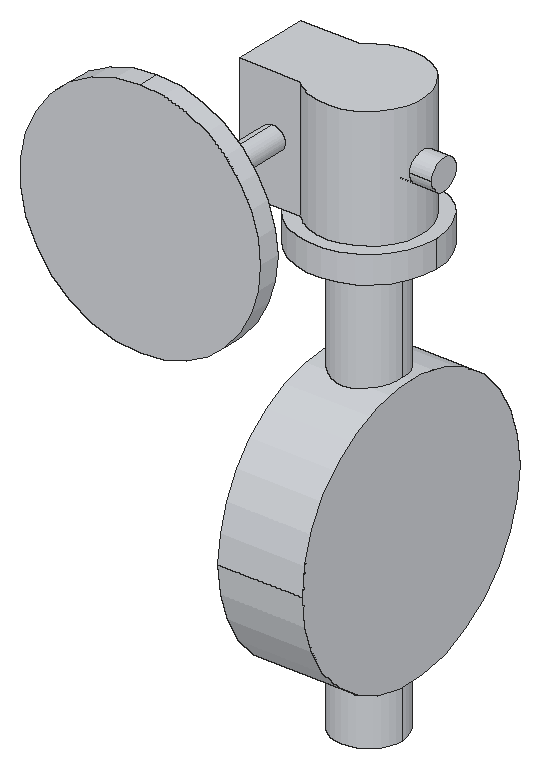
Revit family "HS497-68_disk-nerez_převodové kolo DN125-RFA_2019", category Pipe Accessories, Revit 2019
Family settings
  Round Connector Dimension = Use Diameter
  Part Type = Valve - Breaks Into
  Work Plane-Based = No
  Always vertical = Yes
  Cut with Voids When Loaded = No
  Shared = No
Parameters (values of type "HS 497-68_DN125_PN16_převodové kolo")
  magiProductId = "c56b7c13f372467684996fb1e0e229"
  magiProductFamilyId = "53cea81e6f374d17b8841d9c72ad77"
  magiPartTypeId = 305
  isMeasuringValve [instance] = no
  ang2D [instance] = 0.00°
  X11 = 61.456 mm
  X1 = 25.456 mm
  W2D = 1000 mm
  VersionID = "2.0/2017.9.26.1/ZETKAMA_497_001"
  Use Minimum Symbol Size [instance] = yes
  URL = "http://www.hydronic.cz"
  Type Comments = "mezipřírubová; nerezový disk; PN16; -10~+110°C (krátkodobě +120°C)"
  SW30 = yes
  SW3 = yes
  SW21 = no
  SW20 = no
  SW2 = no
  SW1 = no
  R = 62.5 mm
  QmdConnectorList = "301;D;302;D"
  Productdata [instance] = ""
  NC = 50 mm
  Manufacturer = "Hydronic Systems Prague s.r.o."
  MM20 = 25.456 mm
  MC Product Code = "126125 (nerezový disk, s převodovým kolem; DN125; PN16, kvs872)"
  M41 = 65.25 mm
  M4 = 43.5 mm
  LHL = 220 mm
  LHH3 = 2.45 mm
  LHH1 = 46.55 mm
  LH1 = 73.333 mm
  L4R__ve = -L4R  # -13.5 mm
  L4R = 13.5 mm
  L42__ve = -L42  # -101.25 mm
  L42 = 101.25 mm
  L41__ve = -L41  # -20.25 mm
  L41 = 20.25 mm
  L2D_Min = 3048 mm
  L2D = 216 mm
  L2 = 28 mm
  L1 = 44.8 mm
  L = 56 mm
  H = 33 mm
  G22 = 11.25 mm
  G2 = 22.5 mm
  G1 = 90 mm
  G = 90 mm
  F = 14 mm
  E44 = 40 mm
  E42 = 80 mm
  E4 = 160 mm
  E23 = 4.9 mm
  E22 = 19.6 mm
  E21 = 9.8 mm
  Description = "Mezipřírubová uzavírací klapka s převodovým kolem; nerezový disk, DN125; PN16; kvs872"
  DR2 = 62.5 mm
  DR = 180 mm
  DD1 = 20 mm
  DD = 16 mm
  D = 125 mm
  CAT0 = yes
  B2__ve = -B2  # -64 mm
  B2 = 64 mm
  A2 = 18 mm
  A1 = 99.5 mm
Types (43, lengths in mm): name | magiProductId | X11 | X1 | Type Comments | SW30 | SW3 | SW20 | SW2 | SW1 | R | NC | Manufacturer | MM20 | MC Product Code | M41 | M4 | LHL | LHH3 | LHH1 | LH1 | L4R__ve | L4R | L42__ve | L42 | L41__ve | L41 | L2 | L1 | L | H | G | F | E44 | E42 | E4 | E23 | E22 | E21 | Description | DR2 | DR | DD1 | DD | D | B2__ve | B2 | A2 | A1
  HS 497-68_DN100_PN16_volné vřeteno | "65d1b245f4f142c78569c0602d5754" | 61.456 | 25.456 | "mezipřírubová; nerezový disk; PN16; -10~+110°C (krátkodobě +120°C)" | no | no | no | no | yes | 50 | 50 | "Hydronic Systems Prague s.r.o." | 25.456 | "124 100 (nerezový disk, s volným vřetenem; DN100; PN16, kvs512)" | 66 | 44 | 220 | 2.45 | 46.55 | 73.333 | -12.8 | 12.8 | -96 | 96 | -19.2 | 19.2 | 26 | 41.6 | 52 | 30 | 90 | 11 | 31.25 | 62.5 | 125 | 4.9 | 19.6 | 9.8 | "Mezipřírubová uzavírací klapka s volným vřetenem; nerezový disk, DN100; PN16; kvs512" | 50 | 147 | 15.625 | 12.5 | 100 | -56 | 56 | 16.5 | 98.5
  HS 497-68_DN100_PN16_převodové kolo | "11e91b807e674d428c8e796fcdcfe2" | 61.456 | 25.456 | "mezipřírubová; nerezový disk; PN16; -10~+110°C (krátkodobě +120°C)" | yes | yes | no | no | no | 50 | 50 | "Hydronic Systems Prague s.r.o." | 25.456 | "126 100 (nerezový disk, s převodovým kolem; DN100; PN16, kvs512)" | 65.25 | 43.5 | 220 | 2.45 | 46.55 | 73.333 | -12.8 | 12.8 | -96 | 96 | -19.2 | 19.2 | 26 | 41.6 | 52 | 30 | 90 | 11 | 31.25 | 62.5 | 125 | 4.9 | 19.6 | 9.8 | "Mezipřírubová uzavírací klapka s převodovým kolem; nerezový disk, DN100; PN16; kvs512" | 50 | 147 | 15.625 | 12.5 | 100 | -56 | 56 | 16.5 | 98.5
  HS 497-68_DN100_PN16_s pákou | "28172f0b3f4b47b28323ac71cf8749" | 61.456 | 25.456 | "mezipřírubová; nerezový disk; PN16; -10~+110°C (krátkodobě +120°C)" | no | no | yes | yes | no | 50 | 50 | "Hydronic Systems Prague s.r.o." | 25.456 | "121 100 (nerezový disk, s pákou; DN100; PN16, kvs512)" | 66 | 44 | 260 | 3 | 57 | 86.667 | -12.8 | 12.8 | -96 | 96 | -19.2 | 19.2 | 26 | 41.6 | 52 | 30 | 90 | 11 | 31.25 | 62.5 | 125 | 6 | 24 | 12 | "Mezipřírubová uzavírací klapka s pákou; nerezový disk, DN100; PN16; kvs512" | 50 | 147 | 15.625 | 12.5 | 100 | -56 | 56 | 16.5 | 98.5
  HS 497-68_DN125_PN16_volné vřeteno | "0d813d910fc14f628bb3c2efbd185c" | 61.456 | 25.456 | "mezipřírubová; nerezový disk; PN16; -10~+110°C (krátkodobě +120°C)" | no | no | no | no | yes | 62.5 | 50 | "Hydronic Systems Prague s.r.o." | 25.456 | "124 125 (nerezový disk, s volným vřetenem; DN125; PN16, kvs872)" | 66 | 44 | 220 | 2.45 | 46.55 | 73.333 | -12.8 | 12.8 | -96 | 96 | -19.2 | 19.2 | 28 | 44.8 | 56 | 33 | 90 | 14 | 31.25 | 62.5 | 125 | 4.9 | 19.6 | 9.8 | "Mezipřírubová uzavírací klapka s volným vřetenem; nerezový disk, DN125; PN16; kvs872" | 62.5 | 180 | 15.625 | 12.5 | 125 | -64 | 64 | 18 | 99.5
  HS 497-68_DN125_PN16_převodové kolo | "c56b7c13f372467684996fb1e0e229" | 61.456 | 25.456 | "mezipřírubová; nerezový disk; PN16; -10~+110°C (krátkodobě +120°C)" | yes | yes | no | no | no | 62.5 | 50 | "Hydronic Systems Prague s.r.o." | 25.456 | "126125 (nerezový disk, s převodovým kolem; DN125; PN16, kvs872)" | 65.25 | 43.5 | 220 | 2.45 | 46.55 | 73.333 | -13.5 | 13.5 | -101.25 | 101.25 | -20.25 | 20.25 | 28 | 44.8 | 56 | 33 | 90 | 14 | 40 | 80 | 160 | 4.9 | 19.6 | 9.8 | "Mezipřírubová uzavírací klapka s převodovým kolem; nerezový disk, DN125; PN16; kvs872" | 62.5 | 180 | 20 | 16 | 125 | -64 | 64 | 18 | 99.5
  HS 497-68_DN125_PN16_s pákou | "105993c79a91492399feef7931321a" | 61.456 | 25.456 | "mezipřírubová; nerezový disk; PN16; -10~+110°C (krátkodobě +120°C)" | no | no | yes | yes | no | 62.5 | 50 | "Hydronic Systems Prague s.r.o." | 25.456 | "121 125 (nerezový disk, s pákou; DN125; PN16, kvs872)" | 66 | 44 | 315 | 3.75 | 71.25 | 105 | -12.8 | 12.8 | -96 | 96 | -19.2 | 19.2 | 28 | 44.8 | 56 | 33 | 90 | 14 | 31.25 | 62.5 | 125 | 7.5 | 30 | 15 | "Mezipřírubová uzavírací klapka s pákou; nerezový disk, DN125; PN16; kvs872" | 62.5 | 180 | 15.625 | 12.5 | 125 | -64 | 64 | 18 | 99.5
  HS 497-68_DN150_PN16_volné vřeteno | "50c80cb8ab434f55ab7796e5ac1331" | 61.456 | 25.456 | "mezipřírubová; nerezový disk; PN16; -10~+110°C (krátkodobě +120°C)" | no | no | no | no | yes | 75 | 50 | "Hydronic Systems Prague s.r.o." | 25.456 | "124 150 (nerezový disk, s volným vřetenem; DN150; PN16, kvs1347)" | 66 | 44 | 220 | 2.45 | 46.55 | 73.333 | -12.8 | 12.8 | -96 | 96 | -19.2 | 19.2 | 28 | 44.8 | 56 | 33 | 90 | 14 | 31.25 | 62.5 | 125 | 4.9 | 19.6 | 9.8 | "Mezipřírubová uzavírací klapka s volným vřetenem; nerezový disk, DN150; PN16; kvs1347" | 75 | 206 | 15.625 | 12.5 | 150 | -58 | 58 | 19.3 | 98.7
  HS 497-68_DN150_PN16_převodové kolo | "d94a1a0cf83b476eb10011b327f709" | 61.456 | 25.456 | "mezipřírubová; nerezový disk; PN16; -10~+110°C (krátkodobě +120°C)" | yes | yes | no | no | no | 75 | 50 | "Hydronic Systems Prague s.r.o." | 25.456 | "126 150 (nerezový disk, s převodovým kolem; DN150; PN16, kvs1347)" | 65.25 | 43.5 | 220 | 2.45 | 46.55 | 73.333 | -13.5 | 13.5 | -101.25 | 101.25 | -20.25 | 20.25 | 28 | 44.8 | 56 | 33 | 90 | 14 | 40 | 80 | 160 | 4.9 | 19.6 | 9.8 | "Mezipřírubová uzavírací klapka s převodovým kolem; nerezový disk, DN150; PN16; kvs1347" | 75 | 206 | 20 | 16 | 150 | -58 | 58 | 19.3 | 98.7
  HS 497-68_DN150_PN16_s pákou | "4d2835523fe84828bc50ff0a5a0dfb" | 61.456 | 25.456 | "mezipřírubová; nerezový disk; PN16; -10~+110°C (krátkodobě +120°C)" | no | no | yes | yes | no | 75 | 50 | "Hydronic Systems Prague s.r.o." | 25.456 | "121 150 (nerezový disk, s pákou; DN150; PN16, kvs1347)" | 66 | 44 | 315 | 3.75 | 71.25 | 105 | -12.8 | 12.8 | -96 | 96 | -19.2 | 19.2 | 28 | 44.8 | 56 | 33 | 90 | 14 | 31.25 | 62.5 | 125 | 7.5 | 30 | 15 | "Mezipřírubová uzavírací klapka s pákou; nerezový disk, DN150; PN16; kvs1347" | 75 | 206 | 15.625 | 12.5 | 150 | -58 | 58 | 19.3 | 98.7
  HS 497-68_DN200_PN16_volné vřeteno | "5b29029eaeba47139ee1055a4b9201" | 61.456 | 25.456 | "mezipřírubová; nerezový disk; PN16; -10~+110°C (krátkodobě +120°C)" | no | no | no | no | yes | 100 | 50 | "Hydronic Systems Prague s.r.o." | 25.456 | "124 200 (nerezový disk, s volným vřetenem; DN200; PN16, kvs2675)" | 66 | 44 | 220 | 2.45 | 46.55 | 73.333 | -12.8 | 12.8 | -96 | 96 | -19.2 | 19.2 | 30 | 48 | 60 | 33 | 90 | 17 | 31.25 | 62.5 | 125 | 4.9 | 19.6 | 9.8 | "Mezipřírubová uzavírací klapka s volným vřetenem; nerezový disk, DN200; PN16; kvs2675" | 100 | 257 | 15.625 | 12.5 | 200 | -70 | 70 | 22.5 | 102.5
  HS 497-68_DN200_PN16_převodové kolo | "b2793cc1fcc44cf2a35062cd67c04f" | 61.456 | 25.456 | "mezipřírubová; nerezový disk; PN16; -10~+110°C (krátkodobě +120°C)" | yes | yes | no | no | no | 100 | 57 | "Hydronic Systems Prague s.r.o." | 25.456 | "126 200 (nerezový disk, s převodovým kolem; DN200; PN16, kvs2675)" | 78.75 | 52.5 | 220 | 2.45 | 46.55 | 73.333 | -15.2 | 15.2 | -114 | 114 | -22.8 | 22.8 | 30 | 48 | 60 | 33 | 90 | 17 | 50 | 100 | 200 | 4.9 | 19.6 | 9.8 | "Mezipřírubová uzavírací klapka s převodovým kolem; nerezový disk, DN200; PN16; kvs2675" | 100 | 257 | 25 | 20 | 200 | -70 | 70 | 22.5 | 102.5
  HS 497-68_DN200_PN16_s pákou | "f88d96c7af224537a51e72d7d8fffe" | 61.456 | 25.456 | "mezipřírubová; nerezový disk; PN16; -10~+110°C (krátkodobě +120°C)" | no | no | yes | yes | no | 100 | 50 | "Hydronic Systems Prague s.r.o." | 25.456 | "121 200 (nerezový disk, s pákou; DN200; PN16, kvs2675)" | 66 | 44 | 315 | 3.75 | 71.25 | 105 | -12.8 | 12.8 | -96 | 96 | -19.2 | 19.2 | 30 | 48 | 60 | 33 | 90 | 17 | 31.25 | 62.5 | 125 | 7.5 | 30 | 15 | "Mezipřírubová uzavírací klapka s pákou; nerezový disk, DN200; PN16; kvs2675" | 100 | 257 | 15.625 | 12.5 | 200 | -70 | 70 | 22.5 | 102.5
  HS 497-68_DN250_PN16_volné vřeteno | "b662e8305ca2402b9c510e66e6aa55" | 88.77 | 36.77 | "mezipřírubová; nerezový disk; PN16; -10~+110°C (krátkodobě +120°C)" | no | no | no | no | yes | 125 | 50 | "Hydronic Systems Prague s.r.o." | 36.77 | "124 250 (nerezový disk, s volným vřetenem; DN250; PN16, kvs4555)" | 66 | 44 | 220 | 2.45 | 46.55 | 73.333 | -12.8 | 12.8 | -96 | 96 | -19.2 | 19.2 | 34 | 54.4 | 68 | 23 | 130 | 22 | 31.25 | 62.5 | 125 | 4.9 | 19.6 | 9.8 | "Mezipřírubová uzavírací klapka s volným vřetenem; nerezový disk, DN250; PN16; kvs4555" | 125 | 324 | 15.625 | 12.5 | 250 | -85 | 85 | 28.25 | 129.25
  HS 497-68_DN250_PN16_převodové kolo | "5ee9016806664ddfaa2632711f295c" | 88.77 | 36.77 | "mezipřírubová; nerezový disk; PN16; -10~+110°C (krátkodobě +120°C)" | yes | yes | no | no | no | 125 | 70 | "Hydronic Systems Prague s.r.o." | 36.77 | "126 250 (nerezový disk, s převodovým kolem; DN250; PN16, kvs4555)" | 91.5 | 61 | 220 | 2.45 | 46.55 | 73.333 | -22.2 | 22.2 | -166.5 | 166.5 | -33.3 | 33.3 | 34 | 54.4 | 68 | 23 | 130 | 22 | 62.5 | 125 | 250 | 4.9 | 19.6 | 9.8 | "Mezipřírubová uzavírací klapka s převodovým kolem; nerezový disk, DN250; PN16; kvs4555" | 125 | 324 | 31.25 | 25 | 250 | -85 | 85 | 28.25 | 129.25
  HS 497-68_DN300_PN16_volné vřeteno | "e1886f51ff004380a649519258edf2" | 88.77 | 36.77 | "mezipřírubová; nerezový disk; PN16; -10~+110°C (krátkodobě +120°C)" | no | no | no | no | yes | 150 | 50 | "Hydronic Systems Prague s.r.o." | 36.77 | "124 300 (nerezový disk, s volným vřetenem; DN300; PN16, kvs7037)" | 66 | 44 | 220 | 2.45 | 46.55 | 73.333 | -12.8 | 12.8 | -96 | 96 | -19.2 | 19.2 | 39 | 62.4 | 78 | 23 | 130 | 22 | 31.25 | 62.5 | 125 | 4.9 | 19.6 | 9.8 | "Mezipřírubová uzavírací klapka s volným vřetenem; nerezový disk, DN300; PN16; kvs7037" | 150 | 376 | 15.625 | 12.5 | 300 | -90 | 90 | 30.8 | 127.2
  HS 497-68_DN300_PN16_převodové kolo | "6860f094f77d42088fbebc3c97f755" | 88.77 | 36.77 | "mezipřírubová; nerezový disk; PN16; -10~+110°C (krátkodobě +120°C)" | yes | yes | no | no | no | 150 | 70 | "Hydronic Systems Prague s.r.o." | 36.77 | "126 300 (nerezový disk, s převodovým kolem; DN300; PN16, kvs7037)" | 91.5 | 61 | 220 | 2.45 | 46.55 | 73.333 | -22.2 | 22.2 | -166.5 | 166.5 | -33.3 | 33.3 | 39 | 62.4 | 78 | 23 | 130 | 22 | 62.5 | 125 | 250 | 4.9 | 19.6 | 9.8 | "Mezipřírubová uzavírací klapka s převodovým kolem; nerezový disk, DN300; PN16; kvs7037" | 150 | 376 | 31.25 | 25 | 300 | -90 | 90 | 30.8 | 127.2
  HS 497-68_DN032_PN16_volné vřeteno | "8c5f65de52aa4067a77564107e31b2" | 61.456 | 25.456 | "mezipřírubová; nerezový disk; PN16; -10~+110°C (krátkodobě +120°C)" | no | no | no | no | yes | 16 | 50 | "Hydronic Systems Prague s.r.o." | 25.456 | "124 032 (nerezový disk, s volným vřetenem; DN32; PN16, kvs78)" | 66 | 44 | 220 | 2.45 | 46.55 | 73.333 | -12.8 | 12.8 | -96 | 96 | -19.2 | 19.2 | 16.5 | 26.4 | 33 | 30 | 90 | 11 | 31.25 | 62.5 | 125 | 4.9 | 19.6 | 9.8 | "Mezipřírubová uzavírací klapka s volným vřetenem; nerezový disk, DN32; PN16; kvs78" | 16 | 68 | 15.625 | 12.5 | 32 | -44.2 | 44.2 | 10.25 | 76.25
  HS 497-68_DN032_PN16_převodové kolo | "60aaeffa8b3a4e809ef000e4660060" | 61.456 | 25.456 | "mezipřírubová; nerezový disk; PN16; -10~+110°C (krátkodobě +120°C)" | yes | yes | no | no | no | 16 | 50 | "Hydronic Systems Prague s.r.o." | 25.456 | "126 032 (nerezový disk, s převodovým kolem; DN32; PN16, kvs78)" | 65.25 | 43.5 | 220 | 2.45 | 46.55 | 73.333 | -12.8 | 12.8 | -96 | 96 | -19.2 | 19.2 | 16.5 | 26.4 | 33 | 30 | 90 | 11 | 31.25 | 62.5 | 125 | 4.9 | 19.6 | 9.8 | "Mezipřírubová uzavírací klapka s převodovým kolem; nerezový disk, DN32; PN16; kvs78" | 16 | 68 | 15.625 | 12.5 | 32 | -44.2 | 44.2 | 10.25 | 76.25
  HS 497-68_DN032_PN16_s pákou | "9ad8088d610749a1b871aa2aad8007" | 61.456 | 25.456 | "mezipřírubová; nerezový disk; PN16; -10~+110°C (krátkodobě +120°C)" | no | no | yes | yes | no | 16 | 50 | "Hydronic Systems Prague s.r.o." | 25.456 | "121 032 (nerezový disk, s pákou; DN32; PN16, kvs78)" | 66 | 44 | 220 | 2.45 | 46.55 | 73.333 | -12.8 | 12.8 | -96 | 96 | -19.2 | 19.2 | 16.5 | 26.4 | 33 | 30 | 90 | 11 | 31.25 | 62.5 | 125 | 4.9 | 19.6 | 9.8 | "Mezipřírubová uzavírací klapka s pákou; nerezový disk, DN32; PN16; kvs78" | 16 | 68 | 15.625 | 12.5 | 32 | -44.2 | 44.2 | 10.25 | 76.25
  HS 497-68_DN350_PN10_volné vřeteno | "72a1e05f22944421b7e9596a877137" | 109.255 | 45.255 | "mezipřírubová; nerezový disk; PN10; -10~+110°C (krátkodobě +120°C)" | no | no | no | no | yes | 175 | 50 | "Hydronic Systems Prague s.r.o." | 45.255 | "124 350 (nerezový disk, s volným vřetenem; DN350; PN10, kvs10165)" | 66 | 44 | 220 | 2.45 | 46.55 | 73.333 | -12.8 | 12.8 | -96 | 96 | -19.2 | 19.2 | 39 | 62.4 | 78 | 31 | 160 | 22 | 31.25 | 62.5 | 125 | 4.9 | 19.6 | 9.8 | "Mezipřírubová uzavírací klapka s volným vřetenem; nerezový disk, DN350; PN10; kvs10165" | 175 | 430 | 15.625 | 12.5 | 350 | -88 | 88 | 33.85 | 129.65
  HS 497-68_DN350_PN10_převodové kolo | "a5a01426cb28494ba3afca92f1dace" | 109.255 | 45.255 | "mezipřírubová; nerezový disk; PN10; -10~+110°C (krátkodobě +120°C)" | yes | yes | no | no | no | 175 | 70 | "Hydronic Systems Prague s.r.o." | 45.255 | "126 350 (nerezový disk, s převodovým kolem; DN350; PN10, kvs10165)" | 91.5 | 61 | 220 | 2.45 | 46.55 | 73.333 | -22.2 | 22.2 | -166.5 | 166.5 | -33.3 | 33.3 | 39 | 62.4 | 78 | 31 | 160 | 22 | 62.5 | 125 | 250 | 4.9 | 19.6 | 9.8 | "Mezipřírubová uzavírací klapka s převodovým kolem; nerezový disk, DN350; PN10; kvs10165" | 175 | 430 | 31.25 | 25 | 350 | -88 | 88 | 33.85 | 129.65
  HS 497-68_DN400_PN10_volné vřeteno | "c70ebeb927c04ab99b176e257ad0a7" | 109.255 | 45.255 | "mezipřírubová; nerezový disk; PN10; -10~+110°C (krátkodobě +120°C)" | no | no | no | no | yes | 200 | 50 | "Hydronic Systems Prague s.r.o." | 45.255 | "124 400 (nerezový disk, s volným vřetenem; DN400; PN10, kvs13799)" | 66 | 44 | 220 | 2.45 | 46.55 | 73.333 | -12.8 | 12.8 | -96 | 96 | -19.2 | 19.2 | 51 | 81.6 | 102 | 31 | 160 | 27 | 31.25 | 62.5 | 125 | 4.9 | 19.6 | 9.8 | "Mezipřírubová uzavírací klapka s volným vřetenem; nerezový disk, DN400; PN10; kvs13799" | 200 | 485 | 15.625 | 12.5 | 400 | -108 | 108 | 38 | 142
  HS 497-68_DN400_PN10_převodové kolo | "cc64a4384dcb41b780d81810f4f293" | 109.255 | 45.255 | "mezipřírubová; nerezový disk; PN10; -10~+110°C (krátkodobě +120°C)" | yes | yes | no | no | no | 200 | 72.5 | "Hydronic Systems Prague s.r.o." | 45.255 | "126 400 (nerezový disk, s převodovým kolem; DN400; PN10, kvs13799)" | 103.5 | 69 | 220 | 2.45 | 46.55 | 73.333 | -27.8 | 27.8 | -208.5 | 208.5 | -41.7 | 41.7 | 51 | 81.6 | 102 | 31 | 160 | 27 | 75 | 150 | 300 | 4.9 | 19.6 | 9.8 | "Mezipřírubová uzavírací klapka s převodovým kolem; nerezový disk, DN400; PN10; kvs13799" | 200 | 485 | 37.5 | 30 | 400 | -108 | 108 | 38 | 142
  HS 497-68_DN040_PN16_volné vřeteno | "35f92312390745e88df5b5c325d9ee" | 61.456 | 25.456 | "mezipřírubová; nerezový disk; PN16; -10~+110°C (krátkodobě +120°C)" | no | no | no | no | yes | 20 | 50 | "Hydronic Systems Prague s.r.o." | 25.456 | "124 040 (nerezový disk, s volným vřetenem; DN40; PN16, kvs78)" | 66 | 44 | 220 | 2.45 | 46.55 | 73.333 | -12.8 | 12.8 | -96 | 96 | -19.2 | 19.2 | 16.5 | 26.4 | 33 | 30 | 90 | 11 | 31.25 | 62.5 | 125 | 4.9 | 19.6 | 9.8 | "Mezipřírubová uzavírací klapka s volným vřetenem; nerezový disk, DN40; PN16; kvs78" | 20 | 76 | 15.625 | 12.5 | 40 | -36 | 36 | 11 | 79
  HS 497-68_DN040_PN16_převodové kolo | "d88e968eae3445bc9b7b4e6ff35127" | 61.456 | 25.456 | "mezipřírubová; nerezový disk; PN16; -10~+110°C (krátkodobě +120°C)" | yes | yes | no | no | no | 20 | 50 | "Hydronic Systems Prague s.r.o." | 25.456 | "126 040 (nerezový disk, s převodovým kolem; DN40; PN16, kvs78)" | 65.25 | 43.5 | 220 | 2.45 | 46.55 | 73.333 | -12.8 | 12.8 | -96 | 96 | -19.2 | 19.2 | 16.5 | 26.4 | 33 | 30 | 90 | 11 | 31.25 | 62.5 | 125 | 4.9 | 19.6 | 9.8 | "Mezipřírubová uzavírací klapka s převodovým kolem; nerezový disk, DN40; PN16; kvs78" | 20 | 76 | 15.625 | 12.5 | 40 | -36 | 36 | 11 | 79
  HS 497-68_DN040_PN16_s pákou | "c1b522ca65b4407a98818f232eaacb" | 61.456 | 25.456 | "mezipřírubová; nerezový disk; PN16; -10~+110°C (krátkodobě +120°C)" | no | no | yes | yes | no | 20 | 50 | "Hydronic Systems Prague s.r.o." | 25.456 | "121 040 (nerezový disk, s pákou; DN40; PN16, kvs78)" | 66 | 44 | 220 | 2.45 | 46.55 | 73.333 | -12.8 | 12.8 | -96 | 96 | -19.2 | 19.2 | 16.5 | 26.4 | 33 | 30 | 90 | 11 | 31.25 | 62.5 | 125 | 4.9 | 19.6 | 9.8 | "Mezipřírubová uzavírací klapka s pákou; nerezový disk, DN40; PN16; kvs78" | 20 | 76 | 15.625 | 12.5 | 40 | -36 | 36 | 11 | 79
  HS 497-68_DN450_PN10_volné vřeteno | "a8358bc282f14872b3194e530e590a" | 129.74 | 53.74 | "mezipřírubová; nerezový disk; PN10; -10~+110°C (krátkodobě +120°C)" | no | no | no | no | yes | 225 | 50 | "Hydronic Systems Prague s.r.o." | 53.74 | "124 450 (nerezový disk, s volným vřetenem; DN450; PN10, kvs18514)" | 66 | 44 | 220 | 2.45 | 46.55 | 73.333 | -12.8 | 12.8 | -96 | 96 | -19.2 | 19.2 | 57 | 91.2 | 114 | 38 | 190 | 36 | 31.25 | 62.5 | 125 | 4.9 | 19.6 | 9.8 | "Mezipřírubová uzavírací klapka s volným vřetenem; nerezový, DN450; PN10; kvs18514" | 225 | 536 | 15.625 | 12.5 | 450 | -115 | 115 | 38.05 | 117.45
  HS 497-68_DN450_PN10_převodové kolo | "cdf2d80f54a9414f9cbe50647c0ebd" | 129.74 | 53.74 | "mezipřírubová; nerezový disk; PN10; -10~+110°C (krátkodobě +120°C)" | yes | yes | no | no | no | 225 | 91.5 | "Zetkama" | 53.74 | "126 450 (nerezový disk, s převodovým kolem; DN450; PN10, kvs18514)" | 144.75 | 96.5 | 220 | 2.45 | 46.55 | 73.333 | -32.1 | 32.1 | -240.75 | 240.75 | -48.15 | 48.15 | 57 | 91.2 | 114 | 38 | 190 | 36 | 100 | 200 | 400 | 4.9 | 19.6 | 9.8 | "Mezipřírubová uzavírací klapka s převodovým kolem; nerezový disk, DN450; PN10; kvs18514" | 225 | 536 | 50 | 40 | 450 | -115 | 115 | 38.05 | 117.45
  HS 497-68_DN500_PN10_volné vřeteno | "8c396e27bb2743f98f3c762b6517cd" | 143.397 | 59.397 | "mezipřírubová; nerezový disk; PN10; -10~+110°C (krátkodobě +120°C)" | no | no | no | no | yes | 250 | 50 | "Hydronic Systems Prague s.r.o." | 59.397 | "124 500 (nerezový disk, s volným vřetenem; DN500; PN10, kvs23805)" | 66 | 44 | 220 | 2.45 | 46.55 | 73.333 | -12.8 | 12.8 | -96 | 96 | -19.2 | 19.2 | 63.5 | 101.6 | 127 | 38 | 210 | 36 | 31.25 | 62.5 | 125 | 4.9 | 19.6 | 9.8 | "Mezipřírubová uzavírací klapka s volným vřetenem; nerezový disk, DN500; PN10; kvs23805" | 250 | 593 | 15.625 | 12.5 | 500 | -130 | 130 | 43.25 | 139.25
  HS 497-68_DN500_PN10_převodové kolo | "7647804f32e94cef828a7034a91a46" | 143.397 | 59.397 | "mezipřírubová; nerezový disk; PN10; -10~+110°C (krátkodobě +120°C)" | yes | yes | no | no | no | 250 | 91.5 | "Zetkama" | 59.397 | "126 500 (nerezový disk, s převodovým kolem; DN500; PN10, kvs23805)" | 144.75 | 96.5 | 220 | 2.45 | 46.55 | 73.333 | -32.1 | 32.1 | -240.75 | 240.75 | -48.15 | 48.15 | 63.5 | 101.6 | 127 | 38 | 210 | 36 | 100 | 200 | 400 | 4.9 | 19.6 | 9.8 | "Mezipřírubová uzavírací klapka s převodovým kolem; nerezový disk, DN500; PN10; kvs23805" | 250 | 593 | 50 | 40 | 500 | -130 | 130 | 43.25 | 139.25
  HS 497-68_DN050_volné vřeteno | "d71f296ecd6d4adf8f6e5d9853b4e0" | 61.456 | 25.456 | "mezipřírubová; nerezový disk; PN16; -10~+110°C (krátkodobě +120°C)" | no | no | no | no | yes | 25 | 50 | "Hydronic Systems Prague s.r.o." | 25.456 | "124 050 (nerezový disk, s volným vřetenem; DN50; PN16, kvs98)" | 66 | 44 | 220 | 2.45 | 46.55 | 73.333 | -12.8 | 12.8 | -96 | 96 | -19.2 | 19.2 | 21.5 | 34.4 | 43 | 30 | 90 | 11 | 31.25 | 62.5 | 125 | 4.9 | 19.6 | 9.8 | "Mezipřírubová uzavírací klapka s volným vřetenem; nerezový disk, DN50; PN16; kvs98" | 25 | 100 | 15.625 | 12.5 | 50 | -36.5 | 36.5 | 12 | 83
  HS 497-68_DN050_PN16_převodové kolo | "2fb080deeaed49c58418b94c1da5a4" | 61.456 | 25.456 | "mezipřírubová; nerezový disk; PN16; -10~+110°C (krátkodobě +120°C)" | yes | yes | no | no | no | 25 | 50 | "Hydronic Systems Prague s.r.o." | 25.456 | "126 050 (nerezový disk, s převodovým kolem; DN50; PN16, kvs98)" | 65.25 | 43.5 | 220 | 2.45 | 46.55 | 73.333 | -12.8 | 12.8 | -96 | 96 | -19.2 | 19.2 | 21.5 | 34.4 | 43 | 30 | 90 | 11 | 31.25 | 62.5 | 125 | 4.9 | 19.6 | 9.8 | "Mezipřírubová uzavírací klapka s převodovým kolem; nerezový disk, DN50; PN16; kvs98" | 25 | 100 | 15.625 | 12.5 | 50 | -36.5 | 36.5 | 12 | 83
  HS 497-68_DN050_PN16_s pákou | "dabc632061f94877a994b9b4e68112" | 61.456 | 25.456 | "mezipřírubová; nerezový disk; PN16; -10~+110°C (krátkodobě +120°C)" | no | no | yes | yes | no | 25 | 50 | "Hydronic Systems Prague s.r.o." | 25.456 | "121 050 (nerezový disk, s pákou; DN50; PN16, kvs98)" | 66 | 44 | 220 | 2.45 | 46.55 | 73.333 | -12.8 | 12.8 | -96 | 96 | -19.2 | 19.2 | 21.5 | 34.4 | 43 | 30 | 90 | 11 | 31.25 | 62.5 | 125 | 4.9 | 19.6 | 9.8 | "Mezipřírubová uzavírací klapka s pákou; nerezový disk, DN50; PN16; kvs98" | 25 | 100 | 15.625 | 12.5 | 50 | -36.5 | 36.5 | 12 | 83
  HS 497-68_DN600_PN10_volné vřeteno | "99d5892c14664fce81a7c5903f7711" | 143.397 | 59.397 | "mezipřírubová; nerezový disk; PN10; -10~+110°C (krátkodobě +120°C)" | no | no | no | no | yes | 300 | 50 | "Hydronic Systems Prague s.r.o." | 59.397 | "124 600 (nerezový disk, s volným vřetenem; DN600; PN10, kvs36778)" | 66 | 44 | 220 | 2.45 | 46.55 | 73.333 | -12.8 | 12.8 | -96 | 96 | -19.2 | 19.2 | 77 | 123.2 | 154 | 80 | 210 | 60 | 31.25 | 62.5 | 125 | 4.9 | 19.6 | 9.8 | "Mezipřírubová uzavírací klapka s volným vřetenem; nerezový disk, DN600; PN10; kvs36788" | 300 | 690 | 15.625 | 12.5 | 600 | -140 | 140 | 49.4 | 144.6
  HS 497-68_DN600_PN10_převodové kolo | "b1e26faab48a4c499f6bb11e7e3002" | 143.397 | 59.397 | "mezipřírubová; lnerezový disk; PN10; -10~+110°C (krátkodobě +120°C)" | yes | yes | no | no | no | 300 | 140 | "Hydronic Systems Prague s.r.o." | 59.397 | "126 600 (nerezový disk, s převodovým kolem; DN600; PN10, kvs36778)" | 206.25 | 137.5 | 220 | 2.45 | 46.55 | 73.333 | -40.8 | 40.8 | -306 | 306 | -61.2 | 61.2 | 77 | 123.2 | 154 | 80 | 210 | 60 | 125 | 250 | 500 | 4.9 | 19.6 | 9.8 | "Mezipřírubová uzavírací klapka s převodovým kolem; nerezový disk, DN600; PN10; kvs36788" | 300 | 690 | 62.5 | 50 | 600 | -140 | 140 | 49.4 | 144.6
  HS 497-68_DN065_PN16_volné vřeteno | "5e5e208646e34ec29f889baab5d08e" | 61.456 | 25.456 | "mezipřírubová; lnerezový disk; PN16; -10~+110°C (krátkodobě +120°C)" | no | no | no | no | yes | 32.5 | 50 | "Hydronic Systems Prague s.r.o." | 25.456 | "124 065 (nerezový disk, s volným vřetenem; DN65; PN16, kvs167)" | 66 | 44 | 220 | 2.45 | 46.55 | 73.333 | -12.8 | 12.8 | -96 | 96 | -19.2 | 19.2 | 23 | 36.8 | 46 | 30 | 90 | 11 | 31.25 | 62.5 | 125 | 4.9 | 19.6 | 9.8 | "Mezipřírubová uzavírací klapka s volným vřetenem; nerezový disk, DN65; PN16; kv167" | 32.5 | 108 | 15.625 | 12.5 | 65 | -36.5 | 36.5 | 13.5 | 89
  HS 497-68_DN065_PN16_převodové kolo | "654d74c8d15540b0bfe523d988ccb3" | 61.456 | 25.456 | "mezipřírubová; nerezový disk; PN16; -10~+110°C (krátkodobě +120°C)" | yes | yes | no | no | no | 32.5 | 50 | "Hydronic Systems Prague s.r.o." | 25.456 | "126 065 (nerezový disk, s převodovým kolem; DN65; PN16, kvs167)" | 65.25 | 43.5 | 220 | 2.45 | 46.55 | 73.333 | -12.8 | 12.8 | -96 | 96 | -19.2 | 19.2 | 23 | 36.8 | 46 | 30 | 90 | 11 | 31.25 | 62.5 | 125 | 4.9 | 19.6 | 9.8 | "Mezipřírubová uzavírací klapka s převodovým kolem; nerezový disk, DN65; PN16; kvs167" | 32.5 | 108 | 15.625 | 12.5 | 65 | -36.5 | 36.5 | 13.5 | 89
  HS 497-68_DN065_PN16_s pákou | "ebeb4b59db0641caaf6d6635ab37b9" | 61.456 | 25.456 | "mezipřírubová; nerezový disk; PN16; -10~+110°C (krátkodobě +120°C)" | no | no | yes | yes | no | 32.5 | 50 | "Hydronic Systems Prague s.r.o." | 25.456 | "121 065 (nerezový disk, s pákou; DN65; PN16, kvs167)" | 66 | 44 | 220 | 2.45 | 46.55 | 73.333 | -12.8 | 12.8 | -96 | 96 | -19.2 | 19.2 | 23 | 36.8 | 46 | 30 | 90 | 11 | 31.25 | 62.5 | 125 | 4.9 | 19.6 | 9.8 | "Mezipřírubová uzavírací klapka s pákou; nerezový disk, DN65; PN16; kvs167" | 32.5 | 108 | 15.625 | 12.5 | 65 | -36.5 | 36.5 | 13.5 | 89
  HS 497-68_DN080_PN16_volné vřeteno | "9e85c75c18654e1185a9c48ed6b00e" | 61.456 | 25.456 | "mezipřírubová; nerezový disk; PN16; -10~+110°C (krátkodobě +120°C)" | no | no | no | no | yes | 40 | 50 | "Hydronic Systems Prague s.r.o." | 25.456 | "124 080 (nerezový disk, s volným vřetenem; DN80; PN16, kvs258)" | 66 | 44 | 220 | 2.45 | 46.55 | 73.333 | -12.8 | 12.8 | -96 | 96 | -19.2 | 19.2 | 23 | 36.8 | 46 | 30 | 90 | 11 | 31.25 | 62.5 | 125 | 4.9 | 19.6 | 9.8 | "Mezipřírubová uzavírací klapka s volným vřetenem; nerezový disk, DN80; PN16; kvs258" | 40 | 124 | 15.625 | 12.5 | 80 | -54 | 54 | 14.1 | 86.9
  HS 497-68_DN080_PN16_převodové kolo | "5b3c8238c3d041e68c75b199e7ea46" | 61.456 | 25.456 | "mezipřírubová; nerezový disk; PN16; -10~+110°C (krátkodobě +120°C)" | yes | yes | no | no | no | 40 | 50 | "Hydronic Systems Prague s.r.o." | 25.456 | "126 080 (nerezový disk, s převodovým kolem; DN80; PN16, kvs258)" | 65.25 | 43.5 | 220 | 2.45 | 46.55 | 73.333 | -12.8 | 12.8 | -96 | 96 | -19.2 | 19.2 | 23 | 36.8 | 46 | 30 | 90 | 11 | 31.25 | 62.5 | 125 | 4.9 | 19.6 | 9.8 | "Mezipřírubová uzavírací klapka s převodovým kolem; nerezový disk, DN80; PN16; kvs258" | 40 | 124 | 15.625 | 12.5 | 80 | -54 | 54 | 14.1 | 86.9
  HS 497-68_DN080_PN16_s pákou | "e414795fab0f4eccb99bc3572c5477" | 61.456 | 25.456 | "mezipřírubová; nerezový disk; PN16; -10~+110°C (krátkodobě +120°C)" | no | no | yes | yes | no | 40 | 50 | "Hydronic Systems Prague s.r.o." | 25.456 | "121 080 (nerezový disk, s pákou; DN80; PN16, kvs258)" | 66 | 44 | 260 | 3 | 57 | 86.667 | -12.8 | 12.8 | -96 | 96 | -19.2 | 19.2 | 23 | 36.8 | 46 | 30 | 90 | 11 | 31.25 | 62.5 | 125 | 6 | 24 | 12 | "Mezipřírubová uzavírací klapka s pákou; nerezový disk, DN80; PN16; kvs258" | 40 | 124 | 15.625 | 12.5 | 80 | -54 | 54 | 14.1 | 86.9
  HS 497-68_DN250_PN16_s pákou | "" | 88.77 | 36.77 | "mezipřírubová; nerezový disk; PN16; -10~+110°C (krátkodobě +120°C)" | no | no | yes | yes | no | 125 | 70 | "Hydronic Systems Prague s.r.o." | 36.77 | "121 250 (nerezový disk, s ákou; DN250; PN16, kvs4555)" | 91.5 | 61 | 220 | 2.45 | 46.55 | 73.333 | -22.2 | 22.2 | -166.5 | 166.5 | -33.3 | 33.3 | 34 | 54.4 | 68 | 23 | 130 | 22 | 62.5 | 125 | 250 | 4.9 | 19.6 | 9.8 | "Mezipřírubová uzavírací klapka s pákou; nerezový disk, DN250; PN16; kvs4555" | 125 | 324 | 31.25 | 25 | 250 | -85 | 85 | 28.25 | 129.25
  HS 497-68_DN300_PN16_s pákou | "" | 88.77 | 36.77 | "mezipřírubová; nerezový disk; PN16; -10~+110°C (krátkodobě +120°C)" | no | no | yes | yes | no | 150 | 70 | "Hydronic Systems Prague s.r.o." | 36.77 | "121 300 (nerezový disk, s pákou; DN300; PN16, kvs7037)" | 91.5 | 61 | 220 | 2.45 | 46.55 | 73.333 | -22.2 | 22.2 | -166.5 | 166.5 | -33.3 | 33.3 | 39 | 62.4 | 78 | 23 | 130 | 22 | 62.5 | 125 | 250 | 4.9 | 19.6 | 9.8 | "Mezipřírubová uzavírací klapka s pákou; nerezový disk, DN300; PN16; kvs7037" | 150 | 376 | 31.25 | 25 | 300 | -90 | 90 | 30.8 | 127.2
Reference planes
  plane 1 "Center (Front/Back)": y = 0
  plane 2 "XYPLANE": z = 0
  plane 3 "Center (Left/Right)": x = 0
  plane 4 "473": x = -25.456
  plane 5 "472": x = -65.25
  plane 6 "471": y = -25.456
  plane 7 "470": y = 25.456
  plane 8 "469": x = -43.5
  plane 9 "468": y = -121.5
  plane 10 "467": y = -101.25
  plane 11 "466": z = 220
  plane 12 "465": z = 226.55
  plane 13 "464": y = 145.417
  plane 14 "463": z = 216.75
  plane 15 "462": z = 199.6
  plane 16 "461": z = 209.4
  plane 17 "460": y = 72.083
  plane 18 "459": x = -11.25
  plane 19 "458": x = 11.25
  plane 20 "457": y = -6.25
  plane 21 "456": x = -17.5
  plane 22 "455": x = 17.5
  plane 23 "454": z = 214.3
  plane 24 "453": y = 62.083
  plane 25 "452": y = -11.25
  plane 26 "451": x = -22.5
  plane 27 "450": x = 22.5
  plane 28 "449": z = 194.7
  plane 29 "448": z = 189.8
  plane 30 "447": z = -62.5
  plane 31 "446": z = 180
  plane 32 "445": z = 162
  plane 33 "444": z = 62.5
  plane 34 "443": x = 28
  plane 35 "442": x = -28
  plane 36 "441": z = 0
  plane 37 "440": y = 0
  plane 38 "439": x = 0
  plane 39 "438": z = 229
  plane 40 "437": z = 214.3
  plane 41 "436": x = 13.7
  plane 42 "435": x = -13.7
  plane 43 "434": y = 220
Forms (mm)
  Extrusion 1, solid, visible <- "SW3"
    sketch origin (-750, 0, 180) x (1, 0, 0) y (0, 1, 0)
      loop
        line (684.75, 25.456) -> (684.75, -25.456) -> (724.544, -25.456)
        arc (724.544, -25.456) -> (786, 0) -> (724.544, 25.456) r 36
        line (724.544, 25.456) -> (684.75, 25.456)
    from 0 to 80 <- "E42"
  Extrusion 2, solid, visible <- "SW30"
    sketch origin (0, -750, 0) x (0, 1, 0) y (0, 0, 1)
      loop
        circle (750, 220) r 10
    from 0 to 50 <- "NC"
  Extrusion 3, solid, visible <- "SW30"
    sketch origin (750, -121.5, 0) x (-1, 0, 0) y (0, 0, 1)
      loop
        circle (793.5, 220) r 80
    from 0 to -13.5 <- "L4R__ve"
  Extrusion 4, solid, visible <- "SW3"
    sketch origin (750, -101.25, 0) x (-1, 0, 0) y (0, 0, 1)
      loop
        circle (793.5, 220) r 10
    from 0 to -20.25 <- "L41__ve"
  Extrusion 5, solid, visible <- "SW30"
    sketch origin (750, 0, 0) x (-1, 0, 0) y (0, 0, 1)
      loop
        circle (793.5, 220) r 8
    from 0 to -101.25 <- "L42__ve"
  Blend 6, solid, visible <- "SW21"
    base sketch origin (750, 72.083, 0) x (-1, 0, 0) y (0, 0, 1)
      loop
        line (761.25, 209.4) -> (738.75, 209.4) -> (738.75, 199.6) -> (761.25, 199.6) -> (761.25, 209.4)
    top sketch origin (750, 72.083, 0) x (-1, 0, 0) y (0, 0, 1)
      loop
        line (761.25, 226.55) -> (738.75, 226.55) -> (738.75, 216.75) -> (761.25, 216.75) -> (761.25, 226.55)
    from 0 to 73.333
  Blend 7, solid, visible <- "SW21"
    base sketch origin (750, 62.083, 0) x (-1, 0, 0) y (0, 0, 1)
      loop
        line (761.25, 214.3) -> (738.75, 214.3) -> (738.75, 194.7) -> (761.25, 194.7) -> (761.25, 214.3)
    top sketch origin (750, 62.083, 0) x (-1, 0, 0) y (0, 0, 1)
      loop
        line (761.25, 209.4) -> (738.75, 209.4) -> (738.75, 199.6) -> (761.25, 199.6) -> (761.25, 209.4)
    from 0 to 10
  Blend 8, solid, visible <- "SW21"
    base sketch origin (-750, 0, 194.7) x (1, 0, 0) y (0, 1, 0)
      loop
        line (772.5, 62.083) -> (727.5, 62.083) -> (727.5, -11.25)
        arc (727.5, -11.25) -> (750, -31.25) -> (772.5, -11.25) r 22.656
        line (772.5, -11.25) -> (772.5, 62.083)
    top sketch origin (-750, 0, 194.7) x (1, 0, 0) y (0, 1, 0)
      loop
        line (767.5, 62.083) -> (732.5, 62.083) -> (732.5, -6.25)
        arc (732.5, -6.25) -> (750, -26.25) -> (767.5, -6.25) r 17.656
        line (767.5, -6.25) -> (767.5, 62.083)
    from 0 to 19.6
  Extrusion 9, solid, visible <- "SW2"
    sketch origin (-750, 0, 189.8) x (1, 0, 0) y (0, 1, 0)
      loop
        circle (750, 0) r 11.25
    from 0 to 4.9 <- "E23"
  Extrusion 10, solid, visible <- "SW2"
    sketch origin (-750, 0, 180) x (1, 0, 0) y (0, 1, 0)
      loop
        circle (750, 0) r 45
    from 0 to 9.8 <- "E21"
  Extrusion 11, solid, visible <- "CAT0"
    sketch origin (-750, 0, -62.5) x (1, 0, 0) y (0, 1, 0)
      loop
        circle (750, 0) r 22.4
    from 0 to -64 <- "B2__ve"
  Extrusion 12, solid, visible <- "CAT0"
    sketch origin (-750, 0, 162) x (1, 0, 0) y (0, 1, 0)
      loop
        circle (750, 0) r 45
    from 0 to 18 <- "A2"
  Extrusion 13, solid, visible <- "CAT0"
    sketch origin (-750, 0, 62.5) x (1, 0, 0) y (0, 1, 0)
      loop
        circle (750, 0) r 22.4
    from 0 to 99.5 <- "A1"
  Extrusion 14, solid, visible <- "CAT0"
    sketch origin (-28, -750, 0) x (0, 1, 0) y (0, 0, 1)
      loop
        circle (750, 0) r 90
    from 0 to 56 <- "L"
  Extrusion 15, solid, visible <- "SW1"
    sketch origin (-750, 0, 180) x (1, 0, 0) y (0, 1, 0)
      loop
        line (757, 7) -> (743, 7) -> (743, -7) -> (757, -7) -> (757, 7)
    from 0 to 33 <- "H"
  Blend 16, solid, visible <- "SW2"
    base sketch origin (750, 145.417, 0) x (-1, 0, 0) y (0, 0, 1)
      loop
        arc (763.7, 224) -> (762.236, 227.536) -> (758.7, 229) r 5
        line (758.7, 229) -> (741.3, 229)
        arc (741.3, 229) -> (737.764, 227.536) -> (736.3, 224) r 5
        line (736.3, 224) -> (736.3, 219.3)
        arc (736.3, 219.3) -> (737.764, 215.764) -> (741.3, 214.3) r 5
        line (741.3, 214.3) -> (758.7, 214.3)
        arc (758.7, 214.3) -> (762.236, 215.764) -> (763.7, 219.3) r 5
        line (763.7, 219.3) -> (763.7, 224)
    top sketch origin (750, 145.417, 0) x (-1, 0, 0) y (0, 0, 1)
      loop
        arc (763.7, 224) -> (762.236, 227.536) -> (758.7, 229) r 5
        line (758.7, 229) -> (741.3, 229)
        arc (741.3, 229) -> (737.764, 227.536) -> (736.3, 224) r 5
        line (736.3, 224) -> (736.3, 219.3)
        arc (736.3, 219.3) -> (737.764, 215.764) -> (741.3, 214.3) r 5
        line (741.3, 214.3) -> (758.7, 214.3)
        arc (758.7, 214.3) -> (762.236, 215.764) -> (763.7, 219.3) r 5
        line (763.7, 219.3) -> (763.7, 224)
    from 0 to 74.583
  Blend 17, solid, visible <- "SW20"
    base sketch origin (750, 145.417, 0) x (-1, 0, 0) y (0, 0, 1)
      loop
        line (763.7, 229) -> (736.3, 229) -> (736.3, 214.3) -> (763.7, 214.3) -> (763.7, 229)
    top sketch origin (750, 145.417, 0) x (-1, 0, 0) y (0, 0, 1)
      loop
        line (761.25, 214.3) -> (738.75, 214.3) -> (738.75, 194.7) -> (761.25, 194.7) -> (761.25, 214.3)
    from 0 to -83.333
  Extrusion 18, solid, visible <- "SW20"
    sketch origin (-750, 0, 194.7) x (1, 0, 0) y (0, 1, 0)
      loop
        line (772.5, 62.083) -> (727.5, 62.083) -> (727.5, -11.25)
        arc (727.5, -11.25) -> (750, -31.25) -> (772.5, -11.25) r 22.656
        line (772.5, -11.25) -> (772.5, 62.083)
    from 0 to 19.6 <- "E22"
  Extrusion 19, solid, not visible
    sketch origin (-28, -750, 0) x (0, 1, 0) y (0, 0, 1)
      loop
        circle (750, 0) r 10
    from 0 to 10
  Extrusion 20, solid, not visible
    sketch origin (28, -750, 0) x (0, 1, 0) y (0, 0, 1)
      loop
        circle (750, 0) r 10
    from 0 to -10
Lines and regions (mm)
  reference lines, not visible
    curve 1: circle (2, 2, 0) r 1 normal (0, 0, 1)
  reference lines
    curve 2: line (-25.456, -25.456, 180) -> (-25.456, 25.456, 180)
    curve 3: line (-17.5, -6.25, 194.7) -> (17.5, -6.25, 194.7)
    curve 4: line (-22.5, -11.25, 194.7) -> (22.5, -11.25, 194.7)
    curve 5: circle (0, 0, 180) r 1 normal (0, 0, 1)
    curve 6: line (-22.5, -11.25, 194.7) -> (22.5, -11.25, 194.7)
Dimensions and locks
  plane 1 "Center (Front/Back)" to curve 1 = 2 mm
  "X1": plane 3 "Center (Left/Right)" to plane 4 "473"
  "M41": plane 3 "Center (Left/Right)" to plane 5 "472"
  "MM20": plane 1 "Center (Front/Back)" to plane 6 "471"
  "MM20": plane 1 "Center (Front/Back)" to plane 7 "470"
  "M4": plane 3 "Center (Left/Right)" to plane 8 "469"
  "L41": plane 10 "467" to plane 9 "468"
  "L42": plane 1 "Center (Front/Back)" to plane 10 "467"
  "E44": plane 31 "446" to plane 11 "466"
  "LHH1": plane 31 "446" to plane 12 "465"
  "LH1": plane 17 "460" to plane 13 "464"
  "E21": plane 12 "465" to plane 14 "463"
  "E21": plane 16 "461" to plane 15 "462"
  "E23": plane 23 "454" to plane 16 "461"
  locked: plane 24 "453" to plane 17 "460" at 10
  "G22": plane 3 "Center (Left/Right)" to plane 18 "459"
  "G22": plane 3 "Center (Left/Right)" to plane 19 "458"
  locked: plane 25 "452" to plane 20 "457" at 5
  locked: plane 26 "451" to plane 21 "456" at 5
  locked: plane 27 "450" to plane 22 "455" at 5
  "E22": plane 28 "449" to plane 23 "454"
  "LH1": plane 25 "452" to plane 24 "453"
  "G22": plane 1 "Center (Front/Back)" to plane 25 "452"
  "G2": plane 3 "Center (Left/Right)" to plane 26 "451"
  "G2": plane 3 "Center (Left/Right)" to plane 27 "450"
  "E23": plane 29 "448" to plane 28 "449"
  "E21": plane 31 "446" to plane 29 "448"
  "R": plane 2 "XYPLANE" to plane 30 "447"
  "A2": plane 32 "445" to plane 31 "446"
  "A1": plane 33 "444" to plane 32 "445"
  "DR2": plane 2 "XYPLANE" to plane 33 "444"
  "L2": plane 3 "Center (Left/Right)" to plane 34 "443"
  "L2": plane 3 "Center (Left/Right)" to plane 35 "442"
  locked: plane 2 "XYPLANE" to plane 36 "441"
  locked: plane 1 "Center (Front/Back)" to plane 37 "440"
  locked: plane 3 "Center (Left/Right)" to plane 38 "439"
  "LHH3": plane 12 "465" to plane 39 "438"
  "LHH3": plane 14 "463" to plane 40 "437"
  "LHH3": plane 19 "458" to plane 41 "436"
  "LHH3": plane 18 "459" to plane 42 "435"
  "LHL": plane 1 "Center (Front/Back)" to plane 43 "434"
  "X11": curve 2 to Extrusion 1 sketch curve
  Extrusion 1 sketch curve to Extrusion 1 sketch curve = 0 mm  (x8)
  Blend 6 sketch curve to Blend 6 sketch curve = 0 mm  (x16)
  Blend 7 sketch curve to Blend 7 sketch curve = 0 mm  (x16)
  Blend 8 sketch curve to Blend 8 sketch curve = 0 mm  (x16)
  equal spacing: Extrusion 15 sketch curve, curve 5, Extrusion 15 sketch curve  (x2)
  "F": Extrusion 15 sketch curve to Extrusion 15 sketch curve  (x2)
  Blend 16 sketch curve to Blend 16 sketch curve = 0 mm  (x32)
  Blend 17 sketch curve to Blend 17 sketch curve = 0 mm  (x16)
  Extrusion 18 sketch curve to Extrusion 18 sketch curve = 0 mm  (x8)
  "DD1": diameter of Extrusion 2 sketch curve
  "E4": diameter of Extrusion 3 sketch curve
  "DD1": diameter of Extrusion 4 sketch curve
  "DD": diameter of Extrusion 5 sketch curve
  "G2": diameter of Extrusion 9 sketch curve
  "G1": diameter of Extrusion 10 sketch curve
  "L1": diameter of Extrusion 11 sketch curve
  "G": diameter of Extrusion 12 sketch curve
  "L1": diameter of Extrusion 13 sketch curve
  "DR": diameter of Extrusion 14 sketch curve
  radius of Blend 16 sketch curve = 5 mm  (x8)
  aligned and locked: level to plane 2 "XYPLANE"
  aligned and locked: Extrusion 1 sketch curve to plane 5 "472"
  aligned and locked: plane 7 "470" to Extrusion 1 sketch curve
  aligned and locked: plane 6 "471" to Extrusion 1 sketch curve
  aligned and locked: plane 5 "472" to Extrusion 1 sketch curve
  aligned and locked: plane 4 "473" to Extrusion 1 sketch curve  (x2)
  aligned and locked: plane 4 "473" to curve 2
  aligned and locked: plane 6 "471" to curve 2
  aligned and locked: plane 7 "470" to curve 2
  aligned and locked: Extrusion 1 sketch curve to plane 7 "470"
  aligned and locked: plane 11 "466" to Extrusion 2 sketch curve
  aligned and locked: plane 37 "440" to Extrusion 2 sketch curve
  aligned and locked: plane 8 "469" to Extrusion 3 sketch curve
  aligned and locked: plane 11 "466" to Extrusion 3 sketch curve
  aligned and locked: plane 8 "469" to Extrusion 4 sketch curve
  aligned and locked: plane 11 "466" to Extrusion 4 sketch curve
  aligned and locked: plane 8 "469" to Extrusion 5 sketch curve
  aligned and locked: plane 11 "466" to Extrusion 5 sketch curve
  aligned and locked: plane 12 "465" to Blend 6 sketch curve  (x2)
  aligned and locked: plane 18 "459" to Blend 6 sketch curve  (x4)
  aligned and locked: plane 19 "458" to Blend 6 sketch curve  (x4)
  aligned and locked: plane 14 "463" to Blend 6 sketch curve  (x2)
  aligned and locked: plane 16 "461" to Blend 6 sketch curve  (x2)
  aligned and locked: plane 15 "462" to Blend 6 sketch curve  (x2)
  aligned and locked: plane 13 "464" to Blend 6
  aligned and locked: plane 16 "461" to Blend 7 sketch curve  (x2)
  aligned and locked: plane 18 "459" to Blend 7 sketch curve  (x4)
  aligned and locked: plane 19 "458" to Blend 7 sketch curve  (x4)
  aligned and locked: plane 15 "462" to Blend 7 sketch curve  (x2)
  aligned and locked: plane 23 "454" to Blend 7 sketch curve  (x2)
  aligned and locked: plane 28 "449" to Blend 7 sketch curve  (x2)
  aligned and locked: plane 17 "460" to Blend 7
  aligned and locked: plane 24 "453" to Blend 8 sketch curve  (x4)
  aligned and locked: plane 22 "455" to Blend 8 sketch curve  (x2)
  aligned and locked: plane 21 "456" to Blend 8 sketch curve
  aligned and locked: plane 20 "457" to Blend 8 sketch curve  (x2)
  aligned and locked: curve 3 to plane 20 "457"
  aligned and locked: plane 21 "456" to curve 3
  aligned and locked: plane 22 "455" to curve 3
  aligned and locked: plane 27 "450" to Blend 8 sketch curve  (x2)
  aligned and locked: plane 26 "451" to Blend 8 sketch curve
  aligned and locked: plane 25 "452" to Blend 8 sketch curve  (x2)
  aligned and locked: curve 4 to plane 25 "452"
  aligned and locked: plane 26 "451" to curve 4
  aligned and locked: plane 27 "450" to curve 4
  aligned and locked: plane 23 "454" to Blend 8
  aligned and locked: plane 37 "440" to Extrusion 9 sketch curve
  aligned and locked: plane 38 "439" to Extrusion 9 sketch curve
  aligned and locked: plane 37 "440" to Extrusion 10 sketch curve
  aligned and locked: plane 38 "439" to Extrusion 10 sketch curve
  aligned and locked: plane 37 "440" to Extrusion 11 sketch curve
  aligned and locked: plane 38 "439" to Extrusion 11 sketch curve
  aligned and locked: plane 37 "440" to Extrusion 12 sketch curve
  aligned and locked: plane 38 "439" to Extrusion 12 sketch curve
  aligned and locked: plane 37 "440" to Extrusion 13 sketch curve
  aligned and locked: plane 38 "439" to Extrusion 13 sketch curve
  aligned and locked: plane 36 "441" to Extrusion 14 sketch curve
  aligned and locked: Extrusion 14 sketch curve to plane 37 "440"
  aligned and locked: plane 37 "440" to curve 5
  aligned and locked: plane 38 "439" to curve 5
  aligned and locked: plane 39 "438" to Blend 16 sketch curve  (x2)
  aligned and locked: plane 41 "436" to Blend 16 sketch curve  (x2)
  aligned and locked: Blend 16 sketch curve to plane 40 "437"  (x2)
  aligned and locked: Blend 16 sketch curve to plane 42 "435"  (x2)
  aligned and locked: plane 43 "434" to Blend 16
  aligned and locked: plane 23 "454" to Blend 17 sketch curve  (x2)
  aligned and locked: plane 18 "459" to Blend 17 sketch curve  (x2)
  aligned and locked: plane 19 "458" to Blend 17 sketch curve  (x2)
  aligned and locked: plane 28 "449" to Blend 17 sketch curve  (x2)
  aligned and locked: plane 39 "438" to Blend 17 sketch curve  (x2)
  aligned and locked: plane 42 "435" to Blend 17 sketch curve  (x2)
  aligned and locked: plane 41 "436" to Blend 17 sketch curve  (x2)
  aligned and locked: plane 40 "437" to Blend 17 sketch curve  (x2)
  aligned and locked: Blend 17 to plane 24 "453"
  aligned and locked: plane 24 "453" to Extrusion 18 sketch curve  (x2)
  aligned and locked: plane 27 "450" to Extrusion 18 sketch curve  (x2)
  aligned and locked: plane 26 "451" to Extrusion 18 sketch curve
  aligned and locked: plane 25 "452" to Extrusion 18 sketch curve  (x2)
  aligned and locked: curve 6 to plane 25 "452"
  aligned and locked: plane 26 "451" to curve 6
  aligned and locked: plane 27 "450" to curve 6
  aligned and locked: plane 36 "441" to Extrusion 19 sketch curve
  aligned and locked: Extrusion 19 sketch curve to plane 37 "440"
  aligned and locked: plane 36 "441" to Extrusion 20 sketch curve
  aligned and locked: Extrusion 20 sketch curve to plane 37 "440"
Automatic sketch dimensions
  Blend 8 sketch curve to plane 20 "457" = 2.344 mm  (x2)
  Extrusion 18 sketch curve to plane 20 "457" = 2.344 mm
  plane 25 "452" to Extrusion 19 sketch curve = 1.25 mm
  plane 25 "452" to Extrusion 20 sketch curve = 1.25 mm
  plane 3 "Center (Left/Right)" to curve 1 = 2 mm
  Extrusion 15 sketch curve to plane 3 "Center (Left/Right)" = 7 mm
  Extrusion 15 sketch curve to plane 20 "457" = 0.75 mm
  radius of curve 5 = 1 mm
  radius of curve 1 = 1 mm
Connectors
  piping at (-28, 0, 0), diameter 125, driven by "D"
    settings: on Extrusion 19, index 1, connector inside diameter 609.6 mm, connector length 0 mm, flow factor 0, pipe flow 0.0 L/s, pressure drop 0.0 Pa, fitting loss kfactor 0, connector angle 0.00°, fixture units 0, engagement length 0 mm, angle of deflection 0.00°, flow configuration 0, flow direction 0, fitting loss method 0, system type 29, joint type 0, gender type 0, connector reference index 2, connector utility 0, adjustable connector no, is connector primary yes, connector description ""
  piping at (28, 0, 0), diameter 125, driven by "D"
    settings: on Extrusion 20, index 2, connector inside diameter 609.6 mm, connector length 0 mm, flow factor 0, pipe flow 0.0 L/s, pressure drop 0.0 Pa, fitting loss kfactor 0, connector angle 0.00°, fixture units 0, engagement length 0 mm, angle of deflection 0.00°, flow configuration 0, flow direction 0, fitting loss method 0, system type 29, joint type 0, gender type 0, connector reference index 1, connector utility 0, adjustable connector no, is connector primary no, connector description ""
